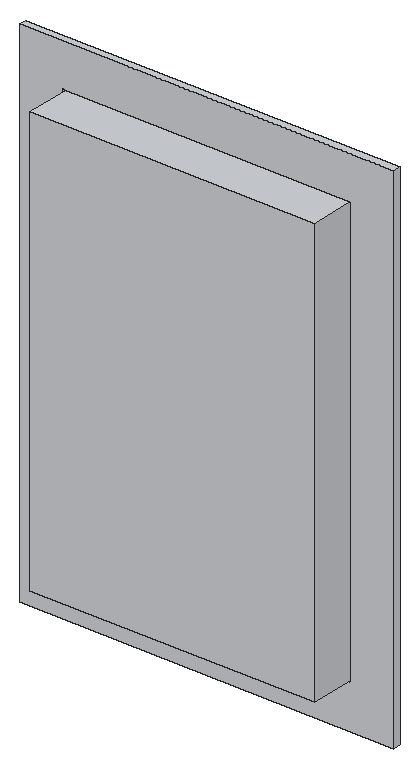
Revit family "AVLN_Лючки", category Двери, Revit 2019
Family settings
  Основа = Стена
  Номер OmniClass = 23.30.10.00
  Заголовок OmniClass = Doors
  Всегда вертикально = Да
  При загрузке вырезать с полостями = Нет
  Общий = Нет
  Точка расчета площади = Нет
Parameters (values of type "!_Для копирования")
  Ширина наличика = 30 mm  # constant formula
  Функция = Внутренние слои
  УГО синий [instance] = no
  Смещение области маскировки [instance] = 1400 mm
  Описание = "Люк ревизионный пластиковый"
  Однопольное = yes
  Материал_Лючок = none
  Зазор = 1 mm  # constant formula
  Двупольные = not(Однопольное)  # no
  Дверца_Одна/Две = yes
  Группа модели = "Лючки"  # constant formula
  Глубина = 30 mm  # constant formula
  Выступ наружу = 5 mm  # constant formula
  Выступ каркаса нар. = 25 mm
  Выступ каркаса внут. = 25 mm
  Ширина каркаса = 75 mm
  Height = 300 mm
  Замыкание стены = По основе
  Width = 200 mm
  Аналитическая конструкция = "<Нет>"
  AVLN_Подсчет = yes
  ADSK_Размер_Ширина = Width  # 200 mm
  ADSK_Размер_Высота = Height  # 300 mm
  ADSK_Обозначение = "Индивидуальное изготовление"  # constant formula
  ADSK_Наименование = ""
  ADSK_Марка = "Л-1"
  ADSK_Группирование = "Лючки"
Reference planes
  plane 1: y = 0
  plane 2 "По центру (Влево/Вправо)": x = 0
  plane 3 "Слева": x = -100
  plane 4 "Справа": x = 100
  plane 5: z = 300
  plane 6 "Наружный": y = 100
  plane 7 "Внутренние": y = -100
  plane 8: z = 150
  plane 9 "Смещение области маскировки": z = 1400
  plane 10: y = 235
  plane 11: x = -50
  plane 12: x = 50
Lines and regions (mm)
  Opening 1
    outline origin (-3050, -100, 0) x (1, 0, 0) y (0, 0, 1)
      loop
        line (2950, 0) -> (3150, 0) -> (3150, 300) -> (2950, 300) -> (2950, 0)
  Masking region 1, not visible
    outline origin (0, 0, 1400) x (0, -1, 0) y (1, 0, 0)
      loop
        line (100, -600) -> (100, 600) -> (-100, 600) -> (-100, -600) -> (100, -600)
  Masking region 2, detail levels coarse+medium
    outline origin (-300, 0, 1400) x (0, -1, 0) y (1, 0, 0)
      loop
        line (100, 200) -> (100, 400) -> (-100, 400) -> (-100, 200) -> (100, 200)
  Masking region 3, not visible, detail levels coarse+medium
    outline origin (-400, 0, 1400) x (0, -1, 0) y (1, 0, 0)
      loop
        line (100, -200) -> (100, 800) -> (-100, 800) -> (-100, -200) -> (100, -200)
  Masking region 4
    outline origin (0, 0, 0) x (1, 0, 0) y (0, 1, 0)
      loop
        line (-100, 100) -> (-100, -100) -> (100, -100) -> (100, 100) -> (-100, 100)
  symbolic lines, style "Doors", visible <- "Однопольное", detail levels medium+fine
    curve 1: line (100, 235, 1400) -> (-100, 100, 1400)
  symbolic lines, style "Doors", visible <- "Двупольные", detail levels medium+fine
    curve 2: line (-100, 100, 1400) -> (-50, 235, 1400)
    curve 3: line (50, 235, 1400) -> (100, 100, 1400)
  model lines, detail levels coarse+medium
    curve 4: line (-100, 100, 0) -> (100, -100, 0)
  symbolic lines, detail levels coarse+medium
    curve 5: line (-100, -100, 0) -> (100, 100, 0)
    curve 9: line (-100, 100, 0) -> (100, -100, 0)
  model lines, not visible, detail levels coarse+medium
    curve 6: line (-600, 100, 0) -> (600, -100, 0)
  symbolic lines, not visible, detail levels coarse+medium
    curve 7: line (-600, -100, 0) -> (400, 100, 0)
    curve 11: line (-600, 100, 0) -> (400, -100, 0)
  model lines
    curve 8: line (-100, 100, 0) -> (100, -100, 0)
  model lines, not visible
    curve 10: line (-600, 100, 0) -> (600, -100, 0)
Text (mm)
  text "Наружный" at (-2295.016, 1099.543, 0), in view "Опорный уровень"
  text "Наружный" at (0, 1615.38, 3698.081), in view "Слева"
  text "Наружный" at (0, 1036.032, 3874.932), in view "Справа"
Dimensions and locks
  equal spacing: plane 3 "Слева", plane 2 "По центру (Влево/Вправо)", plane 4 "Справа"
  "ADSK_Размер_Ширина": plane 3 "Слева" to plane 4 "Справа"
  "Height": plane 5 to host wall
  host wall to plane 5 = 300 mm  (x2)
  locked: plane 6 "Наружный" to host wall at 0
  locked: plane 7 "Внутренние" to host wall
  equal spacing: level, plane 8, plane 5
  "Смещение области маскировки": level to plane 9 "Смещение области маскировки"
  equal spacing: plane 11, plane 2 "По центру (Влево/Вправо)", plane 12
  aligned and locked: plane 3 "Слева" to Opening 1 sketch curve
  aligned and locked: plane 5 to Opening 1 sketch curve  (x2)
  aligned and locked: Opening 1 sketch curve to plane 4 "Справа"
  aligned and locked: Opening 1 sketch curve to level
  aligned and locked: plane 1 to host wall
  aligned and locked: plane 2 "По центру (Влево/Вправо)" to nested 1
  aligned and locked: plane 8 to nested 1
  aligned and locked: plane 4 "Справа" to curve 1
  aligned and locked: plane 4 "Справа" to curve 3
  aligned and locked: plane 3 "Слева" to curve 2
  aligned and locked: nested 2 to plane 3 "Слева"
  aligned and locked: nested 2 to plane 4 "Справа"
  aligned and locked: nested 2 to plane 7 "Внутренние"
  aligned and locked: nested 2 to plane 6 "Наружный"
  aligned and locked: plane 3 "Слева" to Masking region 2
  aligned and locked: curve 5 to Masking region 2
  aligned and locked: Masking region 2 to curve 9
  aligned and locked: curve 7 to Masking region 3
  aligned and locked: Masking region 3 to curve 11
  aligned and locked: Masking region 2 to plane 4 "Справа"
Automatic sketch dimensions
  curve 3 to plane 10 = 0 mm
  curve 2 to plane 10 = 0 mm
  curve 1 to plane 10 = 0 mm
  curve 2 to host wall = 0 mm
  curve 3 to host wall = 0 mm
  curve 2 to plane 11 = 0 mm
  curve 3 to plane 12 = 0 mm
  Masking region 1 sketch curve to Masking region 1 sketch curve = 200 mm
  Masking region 1 sketch curve to Masking region 1 sketch curve = 1200 mm
  Masking region 2 sketch curve to Masking region 2 sketch curve = 200 mm  (x2)
  Masking region 3 sketch curve to Masking region 3 sketch curve = 200 mm
  Masking region 3 sketch curve to Masking region 3 sketch curve = 1000 mm
  host wall to Masking region 4 sketch curve = 0 mm
  Masking region 4 sketch curve to plane 3 "Слева" = 0 mm
  Masking region 4 sketch curve to plane 4 "Справа" = 0 mm
  Masking region 4 sketch curve to host wall = 0 mm
  curve 4 to curve 8 = 282.843 mm  (x2)
  curve 5 to curve 4 = 200 mm  (x3)
  curve 9 to curve 5 = 200 mm  (x2)
  curve 9 to curve 4 = 0 mm
  curve 6 to curve 10 = 1200 mm
  curve 6 to curve 10 = 200 mm
  curve 7 to curve 6 = 0 mm
  curve 7 to curve 6 = 200 mm  (x2)
  curve 11 to curve 7 = 0 mm
  curve 11 to curve 6 = 0 mm
  curve 11 to curve 7 = 200 mm
  Masking region 2 sketch curve to host wall = 0 mm
  Masking region 2 sketch curve to plane 3 "Слева" = 0 mm
  curve 9 to host wall = 0 mm
  curve 9 to plane 3 "Слева" = 0 mm
  host wall to curve 5 = 0 mm
  curve 5 to plane 3 "Слева" = 0 mm
  curve 8 to plane 4 "Справа" = 0 mm
  curve 5 to host wall = 0 mm
  curve 5 to plane 4 "Справа" = 0 mm
  host wall to curve 4 = 0 mm
  curve 4 to plane 4 "Справа" = 0 mm
Nested families
  nested 1: "ЛК" at (0, 100, 150) x (1, 0, 0) z (0, 1, 0), type "ЛК"
  nested 2: "УГО.Заливка" at (0, 0, 1400), visible <- "УГО синий", type "УГО.Заливка", detail levels fine
    with Ширина 200 mm, Длина 200 mm
Definition of nested family "ЛК"
  Parameters (values of type "ЛК")
    Ширина = 200 mm
    Default Elevation = 1219.2 mm
    ОТ = 30 mm
    Материал_Лючок = none
    ЗЗР = 1 mm
    Дверь.2 = not(Дверь.1)  # no
    Дверь.1 = yes
    Глубина = 30 mm
    Выступ наружу = 5 mm
    Высота = 300 mm
  Reference planes
    plane 1 "По центру (Вперед/Назад)": y = 0
    plane 2: z = 0
    plane 3 "По центру (Влево/Вправо)": x = 0
    plane 4: x = -100
    plane 5: x = 100
    plane 6: y = 150
    plane 7: y = -150
    plane 8: x = -130
    plane 9: y = -180
    plane 10: x = 130
    plane 11: y = 180
    plane 12: y = 149
    plane 13: y = -149
    plane 14: x = -99
    plane 15: x = 99
    plane 16: x = -0.5
    plane 17: x = 0.5
    plane 18: z = -30
    plane 19: z = 5
  Forms (mm)
    Extrusion 1, solid
      sketch origin (0, 0, 0) x (1, 0, 0) y (0, 1, 0)
        loop
          line (-1219.2, 1219.2) -> (-1219.2, -1219.2) -> (1219.2, -1219.2) -> (1219.2, 1219.2) -> (-1219.2, 1219.2)
      from 0 to -304.8
    Extrusion 2, solid, material <- "Материал_Лючок", visible <- "Дверь.1"
      sketch origin (0, 0, 0) x (1, 0, 0) y (0, 1, 0)
        loop
          line (-99, 149) -> (-99, -149) -> (99, -149) -> (99, 149) -> (-99, 149)
      from 5 to -30
    Extrusion 3, solid, material <- "Материал_Лючок", visible <- "Дверь.2"
      sketch origin (0, 0, 0) x (1, 0, 0) y (0, 1, 0)
        loop
          line (-99, 149) -> (-99, -149) -> (-0.5, -149) -> (-0.5, 149) -> (-99, 149)
        loop
          line (0.5, 149) -> (0.5, -149) -> (99, -149) -> (99, 149) -> (0.5, 149)
      from 5 to -30
    Extrusion 4, solid, material <- "Материал_Лючок"
      sketch origin (0, 0, 0) x (1, 0, 0) y (0, 1, 0)
        loop
          line (-130, 180) -> (-130, -180) -> (130, -180) -> (130, 180) -> (-130, 180)
        loop
          line (-100, 150) -> (-100, -150) -> (100, -150) -> (100, 150) -> (-100, 150)
      from 0 to 5
  Dimensions and locks
    "Высота": plane 6 to plane 7
    "Ширина": plane 4 to plane 5
    equal spacing: plane 6, plane 1 "По центру (Вперед/Назад)", plane 7
    equal spacing: plane 4, plane 3 "По центру (Влево/Вправо)", plane 5
    "ОТ": plane 11 to plane 6
    "ОТ": plane 7 to plane 9
    "ОТ": plane 8 to plane 4
    "ОТ": plane 5 to plane 10
    equal spacing: plane 16, plane 3 "По центру (Влево/Вправо)", plane 17
    "ЗЗР": plane 16 to plane 17
    "ЗЗР": plane 6 to plane 12
    "ЗЗР": plane 13 to plane 7
    "ЗЗР": plane 4 to plane 14
    "ЗЗР": plane 15 to plane 5
    "Глубина": level to plane 18
    "Выступ наружу": plane 19 to level
    aligned and locked: plane 2 to Extrusion 1
    aligned and locked: level to Extrusion 1
    aligned and locked: Extrusion 2 sketch curve to plane 12
    aligned and locked: plane 14 to Extrusion 2 sketch curve
    aligned and locked: plane 13 to Extrusion 2 sketch curve
    aligned and locked: Extrusion 2 sketch curve to plane 15
    aligned and locked: Extrusion 2 to plane 18
    aligned and locked: Extrusion 3 sketch curve to plane 12  (x2)
    aligned and locked: plane 14 to Extrusion 3 sketch curve
    aligned and locked: plane 13 to Extrusion 3 sketch curve  (x2)
    aligned and locked: Extrusion 3 sketch curve to plane 16
    aligned and locked: Extrusion 3 sketch curve to plane 17
    aligned and locked: Extrusion 3 sketch curve to plane 15
    aligned and locked: Extrusion 3 to plane 18
    aligned and locked: plane 19 to Extrusion 3
    aligned and locked: plane 19 to Extrusion 2
    aligned and locked: Extrusion 4 sketch curve to plane 11
    aligned and locked: Extrusion 4 sketch curve to plane 6
    aligned and locked: Extrusion 4 sketch curve to plane 5
    aligned and locked: Extrusion 4 sketch curve to plane 10
    aligned and locked: Extrusion 4 sketch curve to plane 7
    aligned and locked: Extrusion 4 sketch curve to plane 9
    aligned and locked: Extrusion 4 sketch curve to plane 4
    aligned and locked: Extrusion 4 sketch curve to plane 8
    aligned and locked: plane 19 to Extrusion 4
  Automatic sketch dimensions
    Extrusion 1 sketch curve to Extrusion 1 sketch curve = 2438.4 mm  (x2)
Definition of nested family "УГО.Заливка"
  Parameters (values of type "УГО.Заливка")
    Ширина [instance] = 322.068 mm
    Длина [instance] = 280 mm
  Reference planes
    plane 1 "По центру (Вперед/Назад)": y = 0
    plane 2: z = 0
    plane 3 "По центру (Влево/Вправо)": x = 0
    plane 4: x = -140
    plane 5: x = 140
    plane 6: y = -161.034
    plane 7: y = 161.034
  Lines and regions (mm)
    Filled region 1, type "Сплошная заливка - Черный", in view "Опорный уровень "
      outline origin (0, 0, 0) x (1, 0, 0) y (0, 1, 0)
        loop
          line (-140, 161.034) -> (-140, -161.034) -> (140, -161.034) -> (140, 161.034) -> (-140, 161.034)
  Dimensions and locks
    equal spacing: plane 7, plane 1 "По центру (Вперед/Назад)", plane 6
    equal spacing: plane 4, plane 3 "По центру (Влево/Вправо)", plane 5
    "Длина": plane 4 to plane 5
    "Ширина": plane 7 to plane 6
    aligned and locked: Filled region 1 sketch curve to plane 7
    aligned and locked: plane 4 to Filled region 1 sketch curve
    aligned and locked: plane 6 to Filled region 1 sketch curve
    aligned and locked: Filled region 1 sketch curve to plane 5
